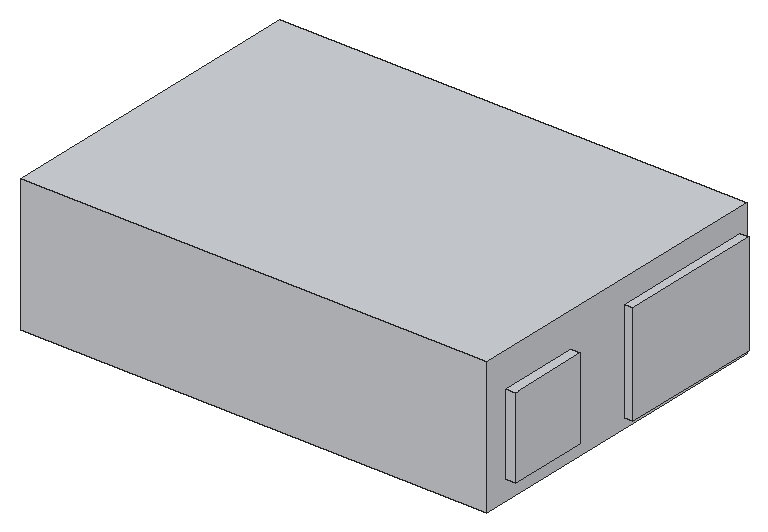
Revit family "DV 3500", category Mechanical Equipment, Revit 2013
Parameters
  Width mm = 2300 mm
  Warranty = "1 Year"
  Voltage Supply      Single Phase = "400v ac"
  Versatile positioning ,floor and ceiling susupended options = "Yes"
  Summer/Winter by-pass = "Yes"
  Summer By-pass = "Automatic 100%"
  Safety cut off switch Pressure sensors for filter monitoring = "Yes\r\nYes"
  Pre Heater = "option"
  Part number = "9041522"
  Model = "MULTI DV3500"
  Meets Building regulations Pat L2A and L2B = "Yes"
  Max Air Volume  m3/hr = "4600"
  Lockable doors = "Yes"
  Interchangeable spigot connections = "Yes"
  Humidity control (optional) = "Yes"
  Height mm = 1600 mm
  Heat Recovery = "<95%"
  Heat Exchanger = "Cross Counterflow"
  Frequency = "50Hz"
  Filter maintenance reminder = "Yes"
  Electronic control panel with LCD display = "Yes"
  EC motor for fine speed control and low SFP = "Yes"
  Duct Connections = "4x400x400mm"
  Double skinned insulated casing avoids thermal bridging = "Yes"
  Dimension L [instance] = 2300 mm
  Dimension H [instance] = 1600 mm
  Dimension B [instance] = 665 mm
  Depth mm = 665 mm
  Control Standard = "BMS/Internet"
  Control Optional.. = "Temperature"
  Control Optional. = "Co2"
  Control Optional = "Humidity"
  Carbon dioxide control (optional) = "Yes"
  Balanced supply and extract air ventilation with heat recovery = "Yes"
  BREEAM applicable = "Yes"
  Anti frost protection = "option"
  Air Filters = "M5 and F12"
  After Heater = "option"
  10 speed digital control and BMS and Internet control = "Yes"
Reference planes
  plane 1 "Center (Front/Back)": y = 0
  plane 2: z = 0
  plane 3 "Center (Left/Right)": x = 0
  plane 4: x = -1150
  plane 5: x = 1150
  plane 6: y = 800
  plane 7: y = -800
  plane 8: z = 665
  plane 9: z = 332.5
  plane 10: x = 350.5
  plane 11: x = 553
  plane 12: x = 148
  plane 13: z = 485
  plane 14: z = 180
  plane 15: y = 900
  plane 16: x = -925
  plane 17: x = -725
  plane 18: x = -1125
  plane 19: y = 400
  plane 20: y = -425
  plane 21: y = -225
  plane 22: y = -625
  plane 23: z = 582.5
  plane 24: z = 82.5
  plane 25: z = 532.5
  plane 26: z = 132.5
  plane 27: y = -810
  plane 28: y = 745
  plane 29: y = -289.548
  plane 30: y = -689.548
  plane 31: y = -700
  plane 32: y = -300
  plane 33: y = 745
  plane 34: y = 35
Forms (mm)
  Extrusion 1, solid
    sketch origin (0, 0, 0) x (1, 0, 0) y (0, 1, 0)
      loop
        line (-1150, 800) -> (-1150, -800) -> (1150, -800) -> (1150, 800) -> (-1150, 800)
    from 0 to 665 <- "Dimension B"
  Extrusion 2, solid
    sketch origin (-3092.117, 800, 1200) x (-1, 0, 0) y (0, 0, 1)
      loop
        line (-2922.117, -715) -> (-2922.117, -1020) -> (-2517.117, -1020) -> (-2517.117, -715) -> (-2922.117, -715)
    from 0 to 100
  Extrusion 3, solid
    sketch origin (1150, -2000, 1242.5) x (0, -1, 0) y (0, 0, 1)
      loop
        line (-2745, -1187.5) -> (-2035, -1187.5) -> (-2035, -687.5) -> (-2745, -687.5) -> (-2745, -1187.5)
    from -50 to -10
  Extrusion 4, solid
    sketch origin (1150, -2000, 1200) x (0, -1, 0) y (0, 0, 1)
      loop
        line (-1710.452, -700) -> (-1710.452, -1100) -> (-1310.452, -1100) -> (-1310.452, -700) -> (-1710.452, -700)
    from -50 to 0
  Extrusion 5, solid
    sketch origin (-1150, -2000, 1242.5) x (0, -1, 0) y (0, 0, -1)
      loop
        line (-2745, 687.5) -> (-2035, 687.5) -> (-2035, 1187.5) -> (-2745, 1187.5) -> (-2745, 687.5)
    from -50 to 0
  Extrusion 6, solid
    sketch origin (-1150, -2000, 1200) x (0, -1, 0) y (0, 0, -1)
      loop
        line (-1700, 690) -> (-1300, 690) -> (-1300, 1090) -> (-1700, 1090) -> (-1700, 690)
    from -50 to 0
  Extrusion 7, solid
    sketch origin (-2169.117, 800, 1200) x (-1, 0, 0) y (0, 0, 1)
      loop
        line (-3294.117, -667.5) -> (-3294.117, -1067.5) -> (-3044.117, -1067.5) -> (-3044.117, -667.5) -> (-3294.117, -667.5)
      loop
        line (-3069.117, -692.5) -> (-3269.117, -692.5) -> (-3269.117, -1042.5) -> (-3069.117, -1042.5) -> (-3069.117, -692.5)
    from 0 to 10
  Extrusion 8, solid
    sketch origin (2169.117, 800, 1200) x (1, 0, 0) y (0, 0, -1)
      loop
        line (-3294.117, 667.5) -> (-3044.117, 667.5) -> (-3044.117, 1067.5) -> (-3294.117, 1067.5) -> (-3294.117, 667.5)
      loop
        line (-3069.117, 692.5) -> (-3069.117, 1042.5) -> (-3269.117, 1042.5) -> (-3269.117, 692.5) -> (-3069.117, 692.5)
    from 0 to 10
Dimensions and locks
  equal spacing: plane 6, plane 1 "Center (Front/Back)", plane 7
  "Dimension H": plane 6 to plane 7
  equal spacing: plane 4, plane 3 "Center (Left/Right)", plane 5
  "Dimension L": plane 4 to plane 5
  "Dimension B": plane 8 to plane 2
  equal spacing: plane 8, plane 9, plane 2
  equal spacing: plane 11, plane 10, plane 12, locked at 202.5 each
  plane 11 to plane 12 = 405 mm
  plane 15 to plane 6 = 100 mm
  equal spacing: plane 14, plane 9, plane 13, locked at 152.5 each
  plane 14 to plane 13 = 305 mm
  plane 5 to plane 10 = 799.5 mm
  plane 4 to Extrusion 2 = 575 mm
  Extrusion 2 to Extrusion 2 = 405 mm
  Extrusion 2 to plane 5 = 1320 mm
  Extrusion 3 to plane 28 = 710 mm
  Extrusion 4 to Extrusion 4 = 400 mm
  plane 31 to plane 32 = 400 mm
  plane 34 to plane 33 = 710 mm
  plane 31 to plane 27 = 110 mm
  plane 30 to plane 7 = 110.452 mm
  plane 6 to plane 28 = 55 mm
  plane 33 to plane 6 = 55 mm
Automatic sketch dimensions
  Extrusion 1 sketch curve to plane 4 = 0 mm
  Extrusion 1 sketch curve to plane 5 = 0 mm
  Extrusion 1 sketch curve to plane 7 = 0 mm
  Extrusion 1 sketch curve to plane 6 = 0 mm
  Extrusion 2 sketch curve to plane 11 = 723 mm
  Extrusion 2 sketch curve to plane 12 = 723 mm
  Extrusion 2 sketch curve to plane 14 = 0 mm
  Extrusion 2 sketch curve to plane 13 = 0 mm
  Extrusion 5 sketch curve to plane 23 = 27.5 mm
  Extrusion 6 sketch curve to plane 21 = 75 mm
  Extrusion 6 sketch curve to plane 25 = 22.5 mm
  Extrusion 7 sketch curve to plane 25 = 0 mm
  Extrusion 7 sketch curve to plane 26 = 0 mm
  plane 5 to Extrusion 7 sketch curve = 25 mm
  Extrusion 7 sketch curve to plane 14 = 22.5 mm
  Extrusion 7 sketch curve to Extrusion 7 sketch curve = 25 mm  (x2)
  plane 13 to Extrusion 7 sketch curve = 22.5 mm
  Extrusion 7 sketch curve to Extrusion 7 sketch curve = 200 mm
  Extrusion 8 sketch curve to plane 18 = 0 mm
  Extrusion 8 sketch curve to plane 26 = 0 mm
  Extrusion 8 sketch curve to plane 25 = 0 mm
  plane 13 to Extrusion 8 sketch curve = 22.5 mm
  plane 18 to Extrusion 8 sketch curve = 25 mm
  Extrusion 8 sketch curve to plane 16 = 25 mm
  Extrusion 8 sketch curve to Extrusion 8 sketch curve = 25 mm
  Extrusion 8 sketch curve to plane 14 = 22.5 mm
  plane 25 to Extrusion 3 sketch curve = 22.5 mm
  Extrusion 4 sketch curve to plane 21 = 64.548 mm
  Extrusion 4 sketch curve to plane 25 = 32.5 mm
  level to Extrusion 4 sketch curve = 100 mm
  Extrusion 5 sketch curve to plane 24 = 27.5 mm
  Extrusion 6 sketch curve to plane 26 = 22.5 mm
  Extrusion 6 sketch curve to plane 22 = 75 mm
  Extrusion 3 sketch curve to plane 24 = 27.5 mm
  Extrusion 4 sketch curve to plane 22 = 64.548 mm
  Extrusion 3 sketch curve to plane 6 = 55 mm
  Extrusion 5 sketch curve to plane 6 = 55 mm
  Extrusion 3 sketch curve to plane 1 "Center (Front/Back)" = 35 mm
  Extrusion 5 sketch curve to plane 1 "Center (Front/Back)" = 35 mm
Connectors
  hvac at (1200, -489.548, 300)
    settings: on Extrusion 4, index 1, duct flow 0.0 L/s, flow factor 0, pres drop 0.0 Pa, loss coef 0, conn angle 0.00°, conn width 400 mm, conn height 400 mm, conn radius 304.8 mm, duct sys type 2, conn prof type 1, flow config 0, flow direction 1, loss method 0, conn ref index -1, conn util no, is conn primary yes, conn desc ""
  hvac at (1200, 390, 305)
    settings: on Extrusion 3, index 2, duct flow 0.0 L/s, flow factor 0, pres drop 0.0 Pa, loss coef 0, conn angle 0.00°, conn width 710 mm, conn height 500 mm, conn radius 304.8 mm, duct sys type 1, conn prof type 1, flow config 0, flow direction 2, loss method 0, conn ref index -1, conn util no, is conn primary no, conn desc ""
  hvac at (-1200, -500, 310)
    settings: on Extrusion 6, index 3, duct flow 0.0 L/s, flow factor 0, pres drop 0.0 Pa, loss coef 0, conn angle 0.00°, conn width 400 mm, conn height 400 mm, conn radius 304.8 mm, duct sys type 1, conn prof type 1, flow config 0, flow direction 1, loss method 0, conn ref index -1, conn util no, is conn primary no, conn desc ""
  hvac at (-1200, 390, 305)
    settings: on Extrusion 5, index 4, duct flow 0.0 L/s, flow factor 0, pres drop 0.0 Pa, loss coef 0, conn angle 0.00°, conn width 710 mm, conn height 500 mm, conn radius 304.8 mm, duct sys type 2, conn prof type 1, flow config 0, flow direction 2, loss method 0, conn ref index -1, conn util no, is conn primary no, conn desc ""
